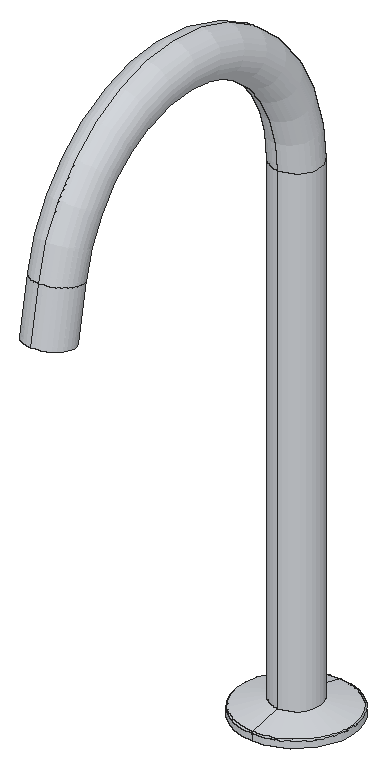
Revit family "Faucet-Lavatory-KOHLER-Components-K-77965", category Plumbing Fixtures, host Face, Revit 2015
Parameters (values of type "CP-Polished Chrome")
  Width = 2 3/8"  # constant formula
  Waste Water Outlet = "Waste Water Outlet"  # constant formula
  Waste Connection = 0 = 1  # no
  Vent Connection = 0 = 1  # no
  URL = "https://www.us.kohler.com/us/"
  Type = 1
  Spout Reach = 6 11/16"  # constant formula
  Product Page URL = "http://www.us.kohler.com/us/catalog/productDetails.jsp?productNumber=77965"
  Product Name = "Components"  # constant formula
  Product Documentation Link = "http://www.us.kohler.com/onlinecatalog/pdf/K-77965_spec.pdf"
  Pressure = 60.00 psi  # constant formula
  Model = if(Type = 1, "K-77965-CP", if(Type = 2, "K-77965-BL", "NA"))  # "K-77965-CP"
  Material = "Premium Metal Construction"  # constant formula
  MasterFormat 2004 = "22.41.39"  # constant formula
  MasterFormat 1995 = "15410"  # constant formula
  Manufacturer Address = "444 Highland Dr, Kohler, WI 53044"  # constant formula
  Manufacturer = "KOHLER Co."  # constant formula
  Length = Spout Reach  # 6 11/16"
  Hot Water Inlet = "Hot Water Inlet"  # constant formula
  Height = 14 7/16"  # constant formula
  Handle Clearance = 0"
  HW Connection = 0 = 1  # no
  Flow Rate = 1.2 GPM  # constant formula
  Finish = Kohler-Metal-CP-Polished_Chrome
  Faucet Hole Spacing = 0"
  Environmental Product Declaration = ""
  Drain Included = 1 = 1  # yes
  Description = "Widespread Bathroom Tall Sink Spout"  # constant formula
  Default Elevation = 36"
  Declare Label = ""
  Date Modified = "08/23/2018"  # constant formula
  Date Created = "07/03/2018"  # constant formula
  Copyright = "Copyright KOHLER Co."  # constant formula
  Contact Us = "https://www.us.kohler.com/us/static/contact.jsp"
  Cold Water Inlet = "Cold Water Inlet"  # constant formula
  CW Connection = 0 = 1  # no
  Assembly Code = "D2010"
  ADA Compliant = 1 = 0  # no
Types (3): name | Type | Model | Finish
  (no name) | 1 | "K-77965-CP" | Kohler-Metal-CP-Polished_Chrome
  CP-Polished Chrome | 1 | "K-77965-CP" | Kohler-Metal-CP-Polished_Chrome
  BL-Matte Black | 2 | "K-77965-BL" | Kohler-Metal-BL-Matte_Black
Reference planes (in)
  plane 1 "Center (Front/Back)": y = 0
  plane 2: z = 0
  plane 3 "Center (Left/Right)": x = 0
  plane 4: x = -1.1875
  plane 5: x = 1.1875
  plane 6: y = -6.6875
  plane 7: z = 14.4375
Dimensions and locks (in)
  equal spacing: plane 4, plane 3 "Center (Left/Right)", plane 5
  "Width": plane 4 to plane 5
  "Length": plane 6 to plane 1 "Center (Front/Back)"  (x2)
  "Height": plane 7 to plane 2
  aligned and locked: plane 2 to host face
  aligned and locked: level to host face
Automatic sketch dimensions
  host sketch curve to host sketch curve = 96"  (x2)
Nested families (in)
  nested 1: "K-77965" at (0, 0, 0), type "K-77965"
Definition of nested family "K-77965"
  Parameters (values of type "K-77965")
    Material = none
  Reference planes (in)
    plane 1 "Center (Front/Back)": y = 0
    plane 2: z = 0
    plane 3 "Center (Left/Right)": x = 0
    plane 4: z = 14.4375
    plane 5: x = -1.1875
    plane 6: x = 1.1875
  Forms (in)
    Sweep 1, solid, material <- "Material"
      path origin (0, 0, 0) x (0, 1, 0) y (0, 0, 1)
        loop
          line (0, 0.32403) -> (0, 10.68893)
          arc (0, 10.68893) -> (-2.96413, 13.92372) -> (-6.44495, 11.2528) r 3.24714
          line (-6.44495, 11.2528) -> (-6.64726, 10.10546)
      profile origin (0, 0, 0.32403) x (0, -1, 0) y (1, 0, 0)
        loop
          circle (0, 0) r 0.492
    Revolve 2, solid, material <- "Material", detail levels medium+fine
      sketch origin (0, 0, 0) x (0, 1, 0) y (0, 0, 1)
        loop
          line (0, 0) -> (1.18111, 0) -> (1.18111, 0.13926)
          arc (1.18111, 0.13926) -> (1.17614, 0.15359) -> (1.16338, 0.16177) r 0.02316
          line (1.16338, 0.16177) -> (0.4907, 0.32403) -> (0, 0.32403) -> (0, 0)
        axis (0, 0.32403) -> (0, 0)
      angle from 0 to 360
    Extrusion 3, solid, material <- "Material", detail levels coarse
      sketch origin (0, 0, 0) x (1, 0, 0) y (0, 1, 0)
        loop
          circle (0, 0) r 1.1811
      from 0 to 0.32403
  Lines and regions (in)
    Masking region 1
      outline origin (0, 0, 0) x (0, 1, 0) y (0, 0, 1)
        loop
          line (-7.13179, 10.20031) -> (-6.16273, 10.02944) -> (-5.96042, 11.17678)
          arc (-5.96042, 11.17678) -> (-3.00701, 13.44301) -> (-0.49201, 10.69835) r 2.75514
          line (-0.49201, 10.69835) -> (-0.49201, 0.32403) -> (-1.16346, 0.16175)
          arc (-1.16346, 0.16175) -> (-1.17617, 0.1536) -> (-1.18111, 0.13933) r 0.02306
          line (-1.18111, 0.13933) -> (-1.18111, 0) -> (1.18111, 0) -> (1.18111, 0.13933)
          arc (1.18111, 0.13933) -> (1.17617, 0.1536) -> (1.16346, 0.16175) r 0.02306
          line (1.16346, 0.16175) -> (0.49201, 0.32403) -> (0.49201, 10.69835)
          arc (0.49201, 10.69835) -> (-2.92125, 14.42327) -> (-6.92948, 11.34765) r 3.73915
          line (-6.92948, 11.34765) -> (-7.13179, 10.20031)
    Masking region 2
      outline origin (0, 0, 0) x (1, 0, 0) y (0, 0, 1)
        loop
          line (-1.1875, 0) -> (1.1875, 0) -> (1.1875, 0.13933)
          arc (1.1875, 0.13933) -> (1.18256, 0.1536) -> (1.16986, 0.16175) r 0.02306
          line (1.16986, 0.16175) -> (0.49201, 0.32558) -> (0.49201, 13.94549)
          arc (0.49201, 13.94549) -> (0, 14.4375) -> (-0.49201, 13.94549) r 0.49201
          line (-0.49201, 13.94549) -> (-0.49201, 0.32558) -> (-1.16986, 0.16175)
          arc (-1.16986, 0.16175) -> (-1.18256, 0.1536) -> (-1.1875, 0.13933) r 0.02306
          line (-1.1875, 0.13933) -> (-1.1875, 0)
    Masking region 3
      outline origin (0, 0, 0) x (1, 0, 0) y (0, 1, 0)
        loop
          arc (0.492, -1.07374) -> (0, 1.19454) -> (-0.492, -1.07374) r 1.1875
          line (-0.492, -1.07374) -> (-0.492, -6.64726)
          spline (-0.492, -6.64726) -> (-0.47524, -6.77267) -> (-0.42609, -6.88952) -> (-0.3479, -6.98987) -> (-0.246, -7.06687) -> (-0.12734, -7.11528) -> (0, -7.13179) -> (0.12734, -7.11528) -> (0.246, -7.06687) -> (0.3479, -6.98987) -> (0.42609, -6.88952) -> (0.47524, -6.77267) -> (0.492, -6.64726)
          line (0.492, -6.64726) -> (0.492, -1.07374)
    symbolic lines, detail levels medium+fine
      curve 1: spline (0, 0.49201, 0.32403) -> (0, 0.47524, 0.32368) -> (0, 0.42609, 0.32336) -> (0, 0.3479, 0.32308) -> (0, 0.246, 0.32286) -> (0, 0.12734, 0.32273) -> (0, 0, 0.32268) -> (0, -0.12734, 0.32273) -> (0, -0.246, 0.32286) -> (0, -0.3479, 0.32308) -> (0, -0.42609, 0.32336) -> (0, -0.47524, 0.32368) -> (0, -0.49201, 0.32403)
      curve 2: line (-0.492, 0, 0.32268) -> (0.49201, 0, 0.32403)
      curve 3: spline (-0.492, 0, 10.10546) -> (-0.47524, 0, 10.08335) -> (-0.42609, 0, 10.06274) -> (-0.3479, 0, 10.04505) -> (-0.246, 0, 10.03147) -> (-0.12734, 0, 10.02293) -> (0, 0, 10.02002) -> (0.12734, 0, 10.02293) -> (0.246, 0, 10.03147) -> (0.3479, 0, 10.04505) -> (0.42609, 0, 10.06274) -> (0.47524, 0, 10.08335) -> (0.492, 0, 10.10546) -> (0.47524, 0, 10.12757) -> (0.42609, 0, 10.14818) -> (0.3479, 0, 10.16587) -> (0.246, 0, 10.17945) -> (0.12734, 0, 10.18798) -> (0, 0, 10.19089) -> (-0.12734, 0, 10.18798) -> (-0.246, 0, 10.17945) -> (-0.3479, 0, 10.16587) -> (-0.42609, 0, 10.14818) -> (-0.47524, 0, 10.12757) -> (-0.492, 0, 10.10546)
      curve 4: arc (-0.492, 0, 0) -> (0, 0.492, 0) -> (0.492, 0, 0) r 0.492
      curve 5: line (-0.492, -1.07374, 0) -> (-0.492, 0, 0)
      curve 6: line (0.492, -1.07374, 0) -> (0.492, 0, 0)
      curve 7: line (0, 1.18111, 0.13933) -> (0, -1.18111, 0.13933)
      curve 8: line (-1.1875, 0, 0.13933) -> (1.1875, 0, 0.13933)
  Dimensions and locks (in)
    aligned and locked: plane 2 to level
